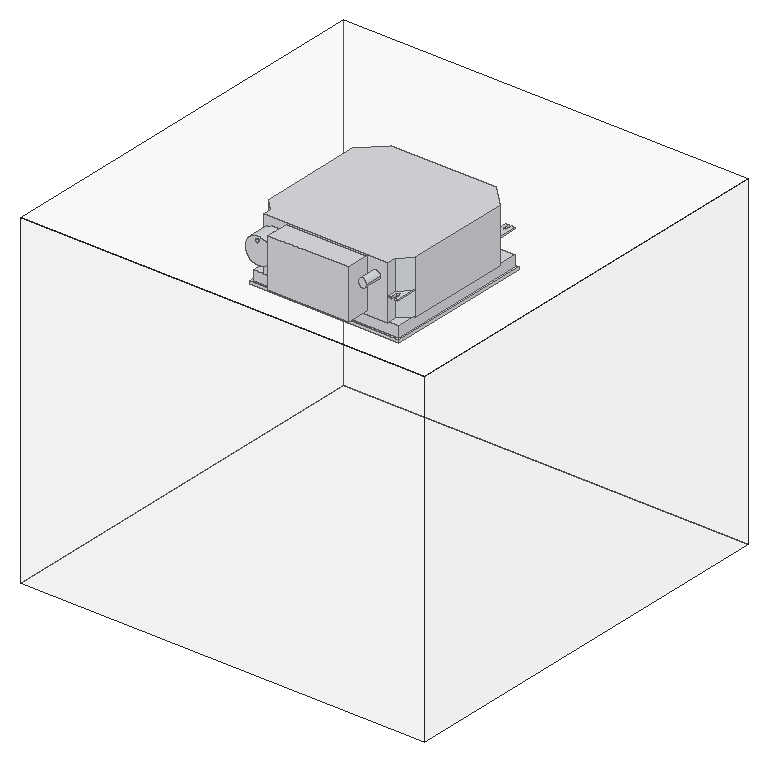
Revit family "plfy-mp22_56pm_50Hz", category 機械設備, Revit 2019
Family settings
  丸型コネクタ寸法 = 直径を使用
  パーツ タイプ = 標準
  OmniClass 番号 = 23.75.10.24.21.27.27
  OmniClass タイトル = Split System Air Conditioning Units
  作業面ベース = いいえ
  常に垂直 = はい
  ロード時にボイドで切り取り = いいえ
  共有 = いいえ
  部屋計算ポイント = はい
Parameters (values of type "システム天井4方向_PLFY-MP22PM")
  風量_強 (㎥/min) = 8.5
  風量_弱 (㎥/min) = 7
  風量_中 (㎥/min) = 7.5
  風量 = MAX風量  # 510.0 m³/h
  音響パワーレベル_強 (dB) = 47
  音響パワーレベル_弱 (dB) = 42
  音響パワーレベル_中 (dB) = 44
  音響パワーレベル(dB) = [音響パワーレベル_強 (dB)]  # 47
  電源種別 = ""
  電圧 = 200 V
  電動機出力_送風機 = 0.05 kW
  運転質量 = 0.00 kg
  連動 = ""
  質量 = if(製品質量 > 運転質量, 製品質量, 運転質量) * 1.2  # 19.08 kg
  負荷分類 = 3_ファン類
  製品質量_本体 = 13.50 kg
  製品質量_パネル = 2.40 kg
  構成品番 = "PLFY-MP22PM"
  ドレン管径 (外径) = 32.00 mm
  ドレン管径 = 25.00 mm
  サービススペース = yes
  【値が 0 の項目は組合せ形名にてご確認ください】 = ""
  URL = "https://www.mitsubishielectric.co.jp/ldg/wink/ssl/top.do"
  説明 = "ビル用マルチ　天井カセット形(４方向吹出し)<システム天井タイプ>"
  設計暖房能力 = 0.00 kW
  設計冷房能力_顕熱 = 0 kW
  設計冷房能力 = 0 kW
  設置方法 = "カセット形"
  記号 [instance] = ""
  製造元 = "三菱電機株式会社"
  製品質量 = 製品質量_本体 + 製品質量_パネル  # 15.90 kg
  製品出荷対象 = "国内"
  製品リリース年月 = ""
  製品グループ = ""
  系統 [instance] = ""
  符号 = "ACP-CK4"
  積算_科目 = "1 空気調和設備"
  積算_拾い区分 = ""
  相 = 1
  盤記号 [instance] = ""
  発停方法 = "付属スイッチ"
  特殊仕様 [instance] = ""
  火災停止 = ""
  消費電力_暖房 = 0.02 kW
  消費電力_冷房 = 0.02 kW
  消費電力 = if(消費電力_冷房 > 消費電力_暖房, 消費電力_冷房, 消費電力_暖房)  # 0.02 kW
  法定耐用年数 = "6"
  極数 = 1
  材質 = ""
  本体マテリアル = none
  有効加湿量 = 0
  暖房能力 = 2.50 kW
  推奨ブレーカー容量 = 0 A
  形式_加湿器 = ""
  形式 = "カセット形（4方向吹出形）"
  幹線記号 = ""
  始動方式 = "直入"
  呼称 = "マルチパッケージ形空気調和機_室内機"
  周波数 = 50 Hz
  台数_手元リモコン [instance] = ""
  台数_冷媒分岐ユニット = ""
  参照している仕様書等のバージョン = "公共建築工事標準仕様書（機械設備工事編）平成31年度版"
  分類コード = "50053003221030"
  分類グループ = ""
  冷房能力 = 2.2 kW
  冷媒管径符号 = "Ac"
  冷媒管径 = 100.00 mm
  冷媒液管径 = 6.35 mm
  冷媒ガス管径 = 12.70 mm
  企業コード = "108420"
  付属品_フィルター = ""
  付属品 = ""
  仕様書バージョン = "Version1.0"
  Model = ""
  パネルマテリアル = none
  コメント = ""
  ケーブル種類 = ""
  ケーブルサイズ = 0 mm
  Width = 570 mm
  Version = ""
  Uniclass2015Version = "Systems v1.9"
  Uniclass2015Title = "Split coil remote air cooled condensing units"
  Uniclass2015Code = "Pr_70_65_03_84"
  SpecificationReference = ""
  SpecificationDescription = ""
  Revision = ""
  ProductInformation = ""
  Panel Width = 580 mm
  Panel Height = 51 mm
  Panel Depth = 580 mm
  OmniClassCode = "23-33 17 13 11"
  MIN風量 = [風量_弱 (㎥/min)] * 60.0 m³/h  # 420.0 m³/h
  MID風量 = [風量_中 (㎥/min)] * 60.0 m³/h  # 450.0 m³/h
  MAX風量 = [風量_強 (㎥/min)] * 60.0 m³/h  # 510.0 m³/h
  IfcTypeProduct = ""
  IfcProduct = ""
  IfcExportType = "AIRCONDITIONINGUNIT"
  IfcExportAs = "IfcUnitaryEquipmentType"
  Height = 258 mm
  FamilyVersion = ""
  Depth = 570 mm
  価格 = 0
  Clearance Top = 273 mm
  Clearance Right = 500 mm
  Clearance Left = 500 mm
  Clearance Front = 500 mm
  Clearance Bottom = 1000 mm
  Clearance Back = 500 mm
  Author = "三菱電機株式会社"
Types (5, lengths in mm): name | 風量_強 (㎥/min) | 風量_弱 (㎥/min) | 風量_中 (㎥/min) | 風量 | 音響パワーレベル_強 (dB) | 音響パワーレベル_弱 (dB) | 音響パワーレベル_中 (dB) | 音響パワーレベル(dB) | 質量 | 製品質量_本体 | 構成品番 | 製品質量 | 消費電力_暖房 | 消費電力_冷房 | 消費電力 | 暖房能力 | 冷房能力 | MIN風量 | MID風量 | MAX風量
  システム天井4方向_PLFY-MP22PM | 8.5 | 7 | 7.5 | 510.0 m³/h | 47 | 42 | 44 | 47 | 19.08 kg | 13.50 kg | "PLFY-MP22PM" | 15.90 kg | 0.02 kW | 0.02 kW | 0.02 kW | 2.50 kW | 2.2 kW | 420.0 m³/h | 450.0 m³/h | 510.0 m³/h
  システム天井4方向_PLFY-MP28PM | 9 | 7 | 8 | 540.0 m³/h | 50 | 43 | 46 | 50 | 19.08 kg | 13.50 kg | "PLFY-MP28PM" | 15.90 kg | 0.02 kW | 0.02 kW | 0.02 kW | 3.20 kW | 2.8 kW | 420.0 m³/h | 480.0 m³/h | 540.0 m³/h
  システム天井4方向_PLFY-MP36PM | 9.5 | 7 | 8 | 570.0 m³/h | 51 | 44 | 47 | 51 | 20.28 kg | 14.50 kg | "PLFY-MP36PM" | 16.90 kg | 0.02 kW | 0.02 kW | 0.02 kW | 4.00 kW | 3.6 kW | 420.0 m³/h | 480.0 m³/h | 570.0 m³/h
  システム天井4方向_PLFY-MP45PM | 11 | 7.5 | 9 | 660.0 m³/h | 55 | 46 | 50 | 55 | 20.28 kg | 14.50 kg | "PLFY-MP45PM" | 16.90 kg | 0.03 kW | 0.03 kW | 0.03 kW | 5.00 kW | 4.5 kW | 450.0 m³/h | 540.0 m³/h | 660.0 m³/h
  システム天井4方向_PLFY-MP56PM | 13 | 9 | 11 | 780.0 m³/h | 60 | 51 | 55 | 60 | 20.28 kg | 14.50 kg | "PLFY-MP56PM" | 16.90 kg | 0.04 kW | 0.04 kW | 0.04 kW | 6.30 kW | 5.6 kW | 540.0 m³/h | 660.0 m³/h | 780.0 m³/h
Reference planes
  plane 1 "中心(正面/背面)": y = 0
  plane 2: z = 0
  plane 3 "中心(左/右)": x = 0
  plane 4: x = -262.5
  plane 5: x = 262.5
  plane 6: y = 262.5
  plane 7: y = -262.5
  plane 8: x = -785
  plane 9: x = 785
  plane 10: y = 785
  plane 11: y = -785
  plane 12: z = -1000
  plane 13: z = 273
  plane 14: x = -186
  plane 15: y = 285
  plane 16: y = -285
  plane 17: x = -285
  plane 18: x = 285
  plane 19: z = 258
Dimensions and locks
  plane 4 to plane 5 = 525 mm
  equal spacing: plane 4, plane 3 "中心(左/右)", plane 5
  equal spacing: plane 7, plane 1 "中心(正面/背面)", plane 6
  plane 7 to plane 6 = 525 mm
  "Clearance Top": plane 13 to plane 2
  equal spacing: plane 17, plane 3 "中心(左/右)", plane 18
  "Width": plane 17 to plane 18
  equal spacing: plane 16, plane 1 "中心(正面/背面)", plane 15
  "Depth": plane 16 to plane 15
  "Clearance Bottom": level to plane 12
  "Clearance Right": plane 18 to plane 9
  "Clearance Left": plane 8 to plane 17
  "Clearance Back": plane 15 to plane 10
  "Clearance Front": plane 11 to plane 16
  "Height": plane 19 to level
  aligned and locked: level to plane 2
  aligned and locked: plane 4 to nested 2
  aligned and locked: plane 5 to nested 2
  aligned and locked: nested 2 to plane 6
  aligned and locked: plane 7 to nested 2
  aligned and locked: plane 8 to nested 1
  aligned and locked: plane 9 to nested 1
  aligned and locked: plane 12 to nested 1
  aligned and locked: plane 13 to nested 1
  aligned and locked: plane 3 "中心(左/右)" to nested 3
  aligned and locked: nested 3 to level
  aligned and locked: plane 1 "中心(正面/背面)" to nested 3
  aligned and locked: plane 10 to nested 1
  aligned and locked: plane 11 to nested 1
Nested families
  nested 1: "サービススペース" at (0, 0, -363.5), visible <- "サービススペース", type "サービススペース"
    with Width 1570 mm, Height 1273 mm, Depth 1570 mm
  nested 2: "固定点" at (-262.5, -262.5, 0), type "固定点"
    with W 525 mm, D 525 mm
  nested 3: "PLFY-P○○PMG9_1_SN" at (0, 0, 0), パネルマテリアル <- "パネルマテリアル", 本体マテリアル <- "本体マテリアル", type "PLFY-P○○PMG9_1_SN"
    with ユニット表示 yes, 液配管サイズ 6.35 mm
Connectors
  piping at (196, -349, 201), diameter 25, driven by "ドレン管径"
    settings: on nested 3, index 1, connector inside diameter 609.60 mm, connector length 0 mm, flow factor 0, pipe flow 0.0 L/s, pressure drop 0.0 Pa, fitting loss kfactor 0, connector angle 0.00°, fixture units 0, engagement length 0 mm, angle of deflection 0.00°, flow configuration 1, flow direction 2, fitting loss method 4, system type 16, joint type 0, gender type 0, connector reference index -1, connector utility 0, adjustable connector no, is connector primary yes, connector description ""
  piping at (-199, -363, 180.5), diameter 100, driven by "冷媒管径", driven by "冷媒管径符号"
    settings: on nested 3, index 2, connector inside diameter 609.60 mm, connector length 0 mm, flow factor 0, pipe flow 0.0 L/s, pressure drop 0.0 Pa, fitting loss kfactor 0, connector angle 0.00°, fixture units 0, engagement length 0 mm, angle of deflection 0.00°, flow configuration 1, flow direction 1, fitting loss method 4, system type 7, joint type 0, gender type 0, connector reference index -1, connector utility 0, adjustable connector no, is connector primary no, connector description "Ac"
  electrical at (4.5, -373, 159.5), driven by "極数", driven by "負荷分類", driven by "電圧", driven by "消費電力"
    settings: on nested 3, index 3, voltage 200 V, apparent load 20 VA, apparent load phase1 0 VA, apparent load phase2 0 VA, apparent load phase3 0 VA, power factor 1, load classification "3_ファン類", number of poles 1, system type 30, power factor state 1, is connector primary yes, connector utility no, sub classification motor no, connector description ""
Definition of nested family "サービススペース"
  Parameters (values of type "サービススペース")
    Width [instance] = 500 mm
    Height [instance] = 500 mm
    Depth [instance] = 500 mm
  Reference planes
    plane 1 "中心(正面/背面)": y = 0
    plane 2: z = 0
    plane 3 "中心(左/右)": x = 0
    plane 4: y = -250
    plane 5: x = 250
    plane 6: y = 250
    plane 7: x = -250
    plane 8: z = 250
    plane 9: z = -250
  Forms (mm)
    Extrusion 1, solid
      sketch origin (-638.939, 0, 72.39) x (1, 0, 0) y (0, 1, 0)
        loop
          line (388.939, 250) -> (388.939, -250) -> (888.939, -250) -> (888.939, 250) -> (388.939, 250)
      from -322.39 to 177.61
  Lines and regions (mm)
    symbolic lines
      curve 1: line (-250, 0, 250) -> (250, 0, 250)
      curve 2: line (-250, 0, -250) -> (-250, 0, 250)
      curve 3: line (250, 0, -250) -> (-250, 0, -250)
      curve 4: line (250, 0, 250) -> (250, 0, -250)
      curve 5: line (0, -250, 250) -> (0, 250, 250)
      curve 6: line (0, -250, -250) -> (0, -250, 250)
      curve 7: line (0, 250, -250) -> (0, -250, -250)
      curve 8: line (0, 250, 250) -> (0, 250, -250)
      curve 9: line (-250, 250, 0) -> (250, 250, 0)
      curve 10: line (-250, -250, 0) -> (-250, 250, 0)
      curve 11: line (250, -250, 0) -> (-250, -250, 0)
      curve 12: line (250, 250, 0) -> (250, -250, 0)
  Dimensions and locks
    equal spacing: plane 7, plane 3 "中心(左/右)", plane 5
    equal spacing: plane 4, plane 1 "中心(正面/背面)", plane 6
    "Depth": plane 4 to plane 6
    "Width": plane 7 to plane 5
    equal spacing: plane 8, plane 2, plane 9
    "Height": plane 8 to plane 9
    aligned and locked: plane 9 to curve 3
    aligned and locked: plane 7 to curve 2
    aligned and locked: curve 4 to plane 5
    aligned and locked: plane 5 to Extrusion 1
    aligned and locked: Extrusion 1 to plane 7
    aligned and locked: Extrusion 1 to plane 9
    aligned and locked: plane 8 to Extrusion 1
    aligned and locked: plane 9 to curve 7
  Automatic sketch dimensions
    plane 4 to Extrusion 1 sketch curve = 0 mm
    Extrusion 1 sketch curve to plane 7 = 0 mm
    Extrusion 1 sketch curve to plane 5 = 0 mm
    plane 6 to Extrusion 1 sketch curve = 0 mm
    curve 2 to plane 8 = 0 mm
    plane 4 to curve 11 = 0 mm
    curve 11 to plane 7 = 0 mm
    curve 11 to plane 5 = 0 mm
    plane 6 to curve 10 = 0 mm
    curve 7 to plane 4 = 0 mm
    curve 7 to plane 6 = 0 mm
    curve 6 to plane 8 = 0 mm
Definition of nested family "PLFY-P○○PMG9_1_SN"
  Parameters (values of type "PLFY-P○○PMG9_1_SN")
    液配管サイズ = 6.4 mm
    高さ = 258 mm
    本体マテリアル [instance] = none
    奥行き = 570 mm
    吊りボルトピッチ_Y = 525 mm
    吊りボルト_H = 140 mm
    冷媒配管 = 100 mm
    冷媒液管径-Z = 146 mm
    冷媒液管径-Y = 63 mm
    冷媒液管径-X = 196 mm
    冷媒ガス管径-Z = 215 mm
    冷媒ガス管径-Y = 78 mm
    冷媒ガス管径-X = 202 mm
    ユニット表示 [instance] = yes
    吊りボルトピッチ_X = 525 mm
    パネルマテリアル [instance] = none
    ドレン配管サイズ = 32 mm
    ドレン管径-Z = 201 mm
    ドレン管径-Y = 64 mm
    ドレン管径-X = 196 mm
    ガス配管サイズ = 12.7 mm
    幅さ = 570 mm
  Reference planes
    plane 1 "中心(正面/背面)": y = 0
    plane 2: z = 0
    plane 3 "中心(左/右)": x = 0
    plane 4: x = -285
    plane 5: x = 285
    plane 6: y = 285
    plane 7: y = -285
    plane 8: z = 50
    plane 9: z = 258
    plane 10: y = -285
    plane 11: x = -204
    plane 12: x = 204
    plane 13: y = 204
    plane 14: y = -204
    plane 15: y = -249
    plane 16: x = 240.5
    plane 17: x = -240.5
    plane 18: x = -281
    plane 19: y = 281
    plane 20: x = 281
    plane 21: y = -281
    plane 22: y = 290
    plane 23: x = -290
    plane 24: x = 290
    plane 25: y = -290
    plane 26: z = 10
    plane 27: x = -262.5
    plane 28: x = 262.5
    plane 29: y = 262.5
    plane 30: y = -262.5
    plane 31: x = 268.5
    plane 32: x = 256.5
    plane 33: x = -256.5
    plane 34: x = -268.5
    plane 35: x = -280.5
    plane 36: x = -244.5
    plane 37: x = 244.5
    plane 38: x = 280.5
    plane 39: z = 145
    plane 40: z = 140
    plane 41: z = 201
    plane 42: z = 215
    plane 43: z = 146
    plane 44: x = 196
    plane 45: x = -196
    plane 46: x = -202
    plane 47: x = -199
    plane 48: z = 180.5
    plane 49: y = -348
    plane 50: y = -363
    plane 51: y = -349
    plane 52: y = -373
    plane 53: x = 161
    plane 54: x = -152
    plane 55: z = 254
    plane 56: z = 65
  Forms (mm)
    Extrusion 1, solid, material <- "本体マテリアル", visible <- "ユニット表示", detail levels fine
      sketch origin (0, 0, 0) x (1, 0, 0) y (0, 1, 0)
        loop
          line (285, 204) -> (204, 285) -> (-204, 285) -> (-285, 204) -> (-285, -204.5) -> (-240.5, -249) -> (-240.5, -285) -> (240.5, -285) -> (240.5, -249) -> (285, -204.5) -> (285, 204)
      from 50 to 258
    Extrusion 2, solid, material <- "パネルマテリアル", visible <- "ユニット表示", detail levels fine
      sketch origin (0, 0, 0) x (1, 0, 0) y (0, 1, 0)
        loop
          line (-281, 281) -> (-281, -281) -> (281, -281) -> (281, 281) -> (-281, 281)
      from 10 to 50
    Extrusion 3, solid, material <- "パネルマテリアル", visible <- "ユニット表示", detail levels fine
      sketch origin (0, 0, 0) x (1, 0, 0) y (0, 1, 0)
        loop
          line (-290, 290) -> (-290, -290) -> (290, -290) -> (290, 290) -> (-290, 290)
      from 0 to 10
    Extrusion 4, solid, material <- "本体マテリアル", visible <- "ユニット表示", detail levels fine
      sketch origin (0, 0, 0) x (1, 0, 0) y (0, 1, 0)
        loop
          line (-280.5, 285) -> (-280.5, 208.5) -> (-244.5, 244.5) -> (-244.5, 285) -> (-256.5, 285) -> (-256.5, 262.5)
          arc (-256.5, 262.5) -> (-262.5, 256.5) -> (-268.5, 262.5) r 6
          line (-268.5, 262.5) -> (-268.5, 285) -> (-280.5, 285)
        loop
          line (280.5, 285) -> (268.5, 285) -> (268.5, 262.5)
          arc (268.5, 262.5) -> (262.5, 256.5) -> (256.5, 262.5) r 6
          line (256.5, 262.5) -> (256.5, 285) -> (244.5, 285) -> (244.5, 244.5) -> (280.5, 208.5) -> (280.5, 285)
        loop
          line (-280.5, -285) -> (-268.5, -285) -> (-268.5, -262.5)
          arc (-268.5, -262.5) -> (-262.5, -256.5) -> (-256.5, -262.5) r 6
          line (-256.5, -262.5) -> (-256.5, -285) -> (-244.5, -285) -> (-244.5, -245) -> (-280.5, -209) -> (-280.5, -285)
        loop
          line (280.5, -285) -> (280.5, -209) -> (244.5, -245) -> (244.5, -285) -> (256.5, -285) -> (256.5, -262.5)
          arc (256.5, -262.5) -> (262.5, -256.5) -> (268.5, -262.5) r 6
          line (268.5, -262.5) -> (268.5, -285) -> (280.5, -285)
      from 140 to 145
    Extrusion 5, solid, material <- "本体マテリアル", visible <- "ユニット表示", detail levels fine
      sketch origin (0, -282, 0) x (-1, 0, 0) y (0, 0, 1)
        loop
          circle (196, 146) r 3.2
      from -66 to -3
    Extrusion 6, solid, material <- "本体マテリアル", visible <- "ユニット表示", detail levels fine
      sketch origin (0, -282, 0) x (-1, 0, 0) y (0, 0, 1)
        loop
          circle (202, 215) r 6.35
      from -81 to -3
    Extrusion 7, solid, material <- "本体マテリアル", visible <- "ユニット表示", detail levels fine
      sketch origin (0, -282, 0) x (-1, 0, 0) y (0, 0, 1)
        loop
          circle (199, 180.5) r 50
      from -81 to -3
    Extrusion 8, solid, material <- "本体マテリアル", visible <- "ユニット表示", detail levels fine
      sketch origin (0, -282, 0) x (-1, 0, 0) y (0, 0, 1)
        loop
          circle (-196, 201) r 16
      from -67 to -3
    Extrusion 9, solid, material <- "本体マテリアル", visible <- "ユニット表示", detail levels fine
      sketch origin (0, -282, 0) x (-1, 0, 0) y (0, 0, 1)
        loop
          line (152, 254) -> (-161, 254) -> (-161, 65) -> (152, 65) -> (152, 254)
      from -91 to -3
  Lines and regions (mm)
    Masking region 1, visible <- "ユニット表示", detail levels coarse+medium
      outline origin (0, 0, 0) x (1, 0, 0) y (0, 1, 0)
        loop
          line (-285, 285) -> (-285, -285) -> (285, -285) -> (285, 285) -> (-285, 285)
    symbolic lines, visible <- "ユニット表示"
      curve 1: line (-285, 285, 0) -> (285, 285, 0)
      curve 2: line (-285, -285, 0) -> (-285, 285, 0)
      curve 3: line (285, -285, 0) -> (-285, -285, 0)
      curve 4: line (285, 285, 0) -> (285, -285, 0)
    model lines, visible <- "ユニット表示", detail levels fine
      curve 5: line (-180, 180, 0) -> (180, 180, 0)
      curve 6: line (-180, -180, 0) -> (-180, 180, 0)
      curve 7: line (180, -180, 0) -> (-180, -180, 0)
      curve 8: line (180, 180, 0) -> (180, -180, 0)
      curve 9: line (-145, 272, 0) -> (145, 272, 0)
      curve 10: line (-145, 234, 0) -> (-145, 272, 0)
      curve 11: line (145, 234, 0) -> (-145, 234, 0)
      curve 12: line (145, 272, 0) -> (145, 234, 0)
      curve 13: line (234, 145, 0) -> (272, 145, 0)
      curve 14: line (234, -145, 0) -> (234, 145, 0)
      curve 15: line (272, -145, 0) -> (234, -145, 0)
      curve 16: line (272, 145, 0) -> (272, -145, 0)
      curve 17: line (-272, 145, 0) -> (-234, 145, 0)
      curve 18: line (-272, -145, 0) -> (-272, 145, 0)
      curve 19: line (-234, -145, 0) -> (-272, -145, 0)
      curve 20: line (-234, 145, 0) -> (-234, -145, 0)
      curve 21: line (-145, -234, 0) -> (145, -234, 0)
      curve 22: line (-145, -272, 0) -> (-145, -234, 0)
      curve 23: line (145, -272, 0) -> (-145, -272, 0)
      curve 24: line (145, -234, 0) -> (145, -272, 0)
      curve 25: line (162.5, 162.5, 0) -> (-162.5, 162.5, 0)
      curve 26: line (-162.5, 162.5, 0) -> (-162.5, -162.5, 0)
      curve 27: line (162.5, -162.5, 0) -> (162.5, 162.5, 0)
      curve 28: line (-162.5, -162.5, 0) -> (162.5, -162.5, 0)
      curve 29: line (-81.25, 162.5, 0) -> (-81.25, -162.5, 0)
      curve 30: line (0, 162.5, 0) -> (0, -162.5, 0)
      curve 31: line (81.25, 162.5, 0) -> (81.25, -162.5, 0)
      curve 32: line (162.5, 145.395, 0) -> (-162.5, 145.395, 0)
      curve 33: line (162.5, 128.289, 0) -> (-162.5, 128.289, 0)
      curve 34: line (162.5, 111.184, 0) -> (-162.5, 111.184, 0)
      curve 35: line (162.5, 94.079, 0) -> (-162.5, 94.079, 0)
      curve 36: line (162.5, 76.974, 0) -> (-162.5, 76.974, 0)
      curve 37: line (162.5, 59.868, 0) -> (-162.5, 59.868, 0)
      curve 38: line (162.5, 42.763, 0) -> (-162.5, 42.763, 0)
      curve 39: line (162.5, 25.658, 0) -> (-162.5, 25.658, 0)
      curve 40: line (162.5, 8.553, 0) -> (-162.5, 8.553, 0)
      curve 41: line (162.5, -8.553, 0) -> (-162.5, -8.553, 0)
      curve 42: line (162.5, -25.658, 0) -> (-162.5, -25.658, 0)
      curve 43: line (162.5, -42.763, 0) -> (-162.5, -42.763, 0)
      curve 44: line (162.5, -59.868, 0) -> (-162.5, -59.868, 0)
      curve 45: line (162.5, -76.974, 0) -> (-162.5, -76.974, 0)
      curve 46: line (162.5, -94.079, 0) -> (-162.5, -94.079, 0)
      curve 47: line (162.5, -111.184, 0) -> (-162.5, -111.184, 0)
      curve 48: line (162.5, -128.289, 0) -> (-162.5, -128.289, 0)
      curve 49: line (162.5, -145.395, 0) -> (-162.5, -145.395, 0)
  Dimensions and locks
    equal spacing: plane 4, plane 3 "中心(左/右)", plane 5
    "幅さ": plane 4 to plane 5
    equal spacing: plane 6, plane 1 "中心(正面/背面)", plane 7
    "奥行き": plane 6 to plane 7
    "高さ": plane 9 to level
    locked: plane 6 to plane 13 at 81
    locked: plane 12 to plane 5 at 81
    locked: plane 4 to plane 11 at 81
    locked: plane 4 to plane 17 at 44.5
    locked: plane 16 to plane 5 at 44.5
    locked: plane 15 to plane 10 at 36
    locked: plane 14 to plane 15 at 45
    locked: plane 21 to plane 10 at 4
    locked: plane 6 to plane 19 at 4
    locked: plane 20 to plane 5 at 4
    locked: plane 4 to plane 18 at 4
    locked: plane 10 to plane 25 at 5
    locked: plane 22 to plane 6 at 5
    locked: plane 5 to plane 24 at 5
    locked: plane 23 to plane 4 at 5
    locked: plane 26 to level at 10
    locked: plane 8 to plane 26 at 40
    equal spacing: plane 27, plane 3 "中心(左/右)", plane 28
    "吊りボルトピッチ_X": plane 27 to plane 28
    equal spacing: plane 30, plane 1 "中心(正面/背面)", plane 29
    "吊りボルトピッチ_Y": plane 30 to plane 29
    plane 35 to plane 34 to plane 27 to plane 33 to plane 36 = 12 mm locked, 6 mm locked, 6 mm locked, 12 mm locked
    plane 37 to plane 32 to plane 28 to plane 31 to plane 38 = 12 mm locked, 6 mm locked, 6 mm locked, 12 mm locked
    locked: plane 39 to plane 40 at 5
    locked: plane 40 to level at 140
    "ドレン管径-Z": plane 41 to level
    "冷媒液管径-Z": plane 43 to level
    "冷媒液管径-X": plane 45 to plane 3 "中心(左/右)"
    "ドレン管径-X": plane 3 "中心(左/右)" to plane 44
    equal spacing: plane 46, plane 47, plane 45
    equal spacing: plane 42, plane 48, plane 43
    "冷媒液管径-Y": plane 10 to plane 49
    "冷媒ガス管径-Y": plane 10 to plane 50
    "ドレン管径-Y": plane 10 to plane 51
    locked: plane 4 to plane 54 at 133
    locked: plane 53 to plane 5 at 124
    locked: plane 10 to plane 52 at 88
    locked: plane 56 to plane 8 at 15
    locked: plane 9 to plane 55 at 4
    "冷媒ガス管径-X": plane 46 to plane 3 "中心(左/右)"
    "冷媒ガス管径-Z": plane 42 to level
    "液配管サイズ": diameter of Extrusion 5 sketch curve
    "ガス配管サイズ": diameter of Extrusion 6 sketch curve
    "冷媒配管": diameter of Extrusion 7 sketch curve
    "ドレン配管サイズ": diameter of Extrusion 8 sketch curve
    aligned and locked: level to plane 2
    aligned and locked: plane 9 to Extrusion 1
    aligned and locked: Extrusion 1 to plane 8
    aligned and locked: Extrusion 1 sketch curve to plane 5
    aligned and locked: Extrusion 1 sketch curve to plane 6
    aligned and locked: Extrusion 1 sketch curve to plane 4
    aligned and locked: Extrusion 1 sketch curve to plane 10
    aligned and locked: Extrusion 1 sketch curve to plane 16
    aligned and locked: Extrusion 1 sketch curve to plane 17
    aligned and locked: Extrusion 2 sketch curve to plane 18
    aligned and locked: Extrusion 2 sketch curve to plane 19
    aligned and locked: Extrusion 2 sketch curve to plane 20
    aligned and locked: Extrusion 2 sketch curve to plane 21
    aligned and locked: Extrusion 3 sketch curve to plane 22
    aligned and locked: Extrusion 3 sketch curve to plane 23
    aligned and locked: Extrusion 3 sketch curve to plane 24
    aligned and locked: Extrusion 3 sketch curve to plane 25
    aligned and locked: plane 8 to Extrusion 2
    aligned and locked: Extrusion 2 to plane 26
    aligned and locked: Extrusion 3 to level
    aligned and locked: plane 26 to Extrusion 3
    aligned and locked: Extrusion 4 sketch curve to plane 6  (x2)
    aligned and locked: Extrusion 4 sketch curve to plane 33
    aligned and locked: Extrusion 4 sketch curve to plane 36
    aligned and locked: Extrusion 4 sketch curve to plane 34
    aligned and locked: Extrusion 4 sketch curve to plane 35
    aligned and locked: plane 29 to Extrusion 4 sketch curve  (x2)
    aligned and locked: plane 27 to Extrusion 4 sketch curve  (x2)
    aligned and locked: Extrusion 1 to Extrusion 4 sketch curve  (x2)
    aligned and locked: Extrusion 4 sketch curve to Extrusion 1  (x2)
    aligned and locked: Extrusion 4 sketch curve to plane 37
    aligned and locked: plane 6 to Extrusion 4 sketch curve  (x2)
    aligned and locked: Extrusion 4 sketch curve to plane 31
    aligned and locked: Extrusion 4 sketch curve to plane 32
    aligned and locked: Extrusion 4 sketch curve to plane 38
    aligned and locked: plane 28 to Extrusion 4 sketch curve  (x2)
    aligned and locked: plane 10 to Extrusion 4 sketch curve  (x2)
    aligned and locked: plane 31 to Extrusion 4 sketch curve
    aligned and locked: plane 32 to Extrusion 4 sketch curve
    aligned and locked: plane 37 to Extrusion 4 sketch curve
    aligned and locked: plane 38 to Extrusion 4 sketch curve
    aligned and locked: plane 30 to Extrusion 4 sketch curve  (x2)
    aligned and locked: plane 35 to Extrusion 4 sketch curve
    aligned and locked: plane 34 to Extrusion 4 sketch curve
    aligned and locked: plane 33 to Extrusion 4 sketch curve
    aligned and locked: plane 36 to Extrusion 4 sketch curve
    aligned and locked: Extrusion 4 sketch curve to plane 10  (x2)
    aligned and locked: plane 39 to Extrusion 4
    aligned and locked: Extrusion 4 to plane 40
    aligned and locked: plane 43 to Extrusion 5 sketch curve
    aligned and locked: plane 45 to Extrusion 5 sketch curve
    aligned and locked: plane 42 to Extrusion 6 sketch curve
    aligned and locked: plane 46 to Extrusion 6 sketch curve
    aligned and locked: plane 48 to Extrusion 7 sketch curve
    aligned and locked: plane 47 to Extrusion 7 sketch curve
    aligned and locked: Extrusion 5 to plane 49
    aligned and locked: Extrusion 6 to plane 50
    aligned and locked: Extrusion 7 to plane 50
    aligned and locked: plane 10 to Extrusion 7
    aligned and locked: plane 10 to Extrusion 6
    aligned and locked: plane 10 to Extrusion 5
    aligned and locked: plane 41 to Extrusion 8 sketch curve
    aligned and locked: plane 44 to Extrusion 8 sketch curve
    aligned and locked: Extrusion 8 to plane 51
    aligned and locked: plane 10 to Extrusion 8
    aligned and locked: plane 55 to Extrusion 9 sketch curve
    aligned and locked: Extrusion 9 sketch curve to plane 54
    aligned and locked: Extrusion 9 sketch curve to plane 56
    aligned and locked: plane 53 to Extrusion 9 sketch curve
    aligned and locked: Extrusion 9 to plane 52
    aligned and locked: plane 10 to Extrusion 9
    aligned and locked: Masking region 1 sketch curve to plane 6
    aligned and locked: plane 10 to Masking region 1 sketch curve
    aligned and locked: plane 4 to Masking region 1 sketch curve
    aligned and locked: Masking region 1 sketch curve to plane 5
    aligned and locked: curve 1 to plane 6
    aligned and locked: plane 10 to curve 3
    aligned and locked: plane 4 to curve 2
    aligned and locked: curve 4 to plane 5
  Automatic sketch dimensions
    Extrusion 1 sketch curve to plane 11 = 0 mm
    Extrusion 1 sketch curve to plane 12 = 0 mm
    Extrusion 1 sketch curve to plane 14 = 0.5 mm  (x2)
    Extrusion 1 sketch curve to plane 13 = 0 mm  (x2)
    Extrusion 1 sketch curve to plane 15 = 0 mm  (x2)
    curve 19 to plane 34 = 3.5 mm
    plane 17 to curve 17 = 6.5 mm
    plane 45 to curve 7 = 16 mm
    plane 54 to curve 11 = 7 mm
    plane 54 to curve 21 = 7 mm
    curve 9 to plane 53 = 16 mm
    curve 21 to plane 53 = 16 mm
    curve 8 to plane 44 = 16 mm
    curve 14 to plane 16 = 6.5 mm
    plane 31 to curve 16 = 3.5 mm
    plane 21 to curve 24 = 9 mm
    plane 15 to curve 24 = 15 mm
    plane 14 to curve 7 = 24 mm
    plane 14 to curve 20 = 59 mm
    plane 14 to curve 16 = 59 mm
    curve 14 to plane 13 = 59 mm
    curve 17 to plane 13 = 59 mm
    curve 5 to plane 13 = 24 mm
    plane 29 to curve 11 = 28.5 mm
    curve 12 to plane 19 = 9 mm
    curve 7 to curve 27 = 17.5 mm
    curve 30 to plane 3 "中心(左/右)" = 0 mm
    plane 54 to curve 29 = 70.75 mm
    curve 31 to plane 53 = 79.75 mm
    curve 26 to curve 5 = 17.5 mm
    curve 41 to plane 54 = 10.5 mm
    plane 53 to curve 48 = 1.5 mm
    curve 27 to curve 49 = 17.105 mm
    curve 49 to curve 48 = 17.105 mm
    curve 48 to curve 47 = 17.105 mm
    curve 47 to curve 46 = 17.105 mm
    curve 46 to curve 45 = 17.105 mm
    curve 45 to curve 44 = 17.105 mm
    curve 44 to curve 43 = 17.105 mm
    curve 43 to curve 42 = 17.105 mm
    plane 1 "中心(正面/背面)" to curve 41 = 8.553 mm
    curve 40 to plane 1 "中心(正面/背面)" = 8.553 mm
    curve 40 to curve 39 = 17.105 mm
    curve 39 to curve 38 = 17.105 mm
    curve 38 to curve 37 = 17.105 mm
    curve 37 to curve 36 = 17.105 mm
    curve 36 to curve 35 = 17.105 mm
    curve 35 to curve 34 = 17.105 mm
    curve 34 to curve 33 = 17.105 mm
    curve 33 to curve 32 = 17.105 mm
Definition of nested family "固定点"
  Parameters (values of type "固定点")
    中心円 = 20 mm
    W [instance] = 1000 mm
    D [instance] = 1000 mm
  Reference planes
    plane 1 "中心(正面/背面)": y = 0
    plane 2: z = 0
    plane 3 "中心(左/右)": x = 0
    plane 4: x = 1000
    plane 5: y = 1000
  Lines and regions (mm)
    symbolic lines, detail levels fine
      curve 1: circle (0, 1000, 0) r 10 normal (0, 0, 1)
      curve 2: circle (0, 0, 0) r 10 normal (0, 0, 1)
      curve 3: circle (1000, 1000, 0) r 10 normal (0, 0, 1)
      curve 4: circle (1000, 0, 0) r 10 normal (0, 0, 1)
      curve 5: line (-200, 1000, 0) -> (1200, 1000, 0)
      curve 6: line (-200, 0, 0) -> (1200, 0, 0)
      curve 7: line (0, 1200, 0) -> (0, -200, 0)
      curve 8: line (1000, 1200, 0) -> (1000, -200, 0)
  Dimensions and locks
    "W": plane 3 "中心(左/右)" to plane 4
    "D": plane 1 "中心(正面/背面)" to plane 5
    "中心円": diameter of curve 1
    "中心円": diameter of curve 2
    "中心円": diameter of curve 3
    "中心円": diameter of curve 4
    aligned and locked: level to plane 2
    aligned and locked: plane 5 to curve 1
    aligned and locked: plane 3 "中心(左/右)" to curve 1
    aligned and locked: plane 3 "中心(左/右)" to curve 2
    aligned and locked: plane 1 "中心(正面/背面)" to curve 2
    aligned and locked: plane 4 to curve 3
    aligned and locked: plane 5 to curve 3
    aligned and locked: plane 1 "中心(正面/背面)" to curve 4
    aligned and locked: plane 4 to curve 4
    aligned and locked: plane 1 "中心(正面/背面)" to curve 6
    aligned and locked: curve 7 to plane 3 "中心(左/右)"
    aligned and locked: curve 8 to plane 4
  Automatic sketch dimensions
    curve 5 to plane 5 = 0 mm
    curve 6 to plane 3 "中心(左/右)" = 200 mm
    curve 5 to plane 3 "中心(左/右)" = 200 mm
    curve 4 to curve 6 = 200 mm
    curve 3 to curve 5 = 200 mm
    plane 1 "中心(正面/背面)" to curve 8 = 200 mm
    plane 1 "中心(正面/背面)" to curve 7 = 200 mm
    curve 3 to curve 8 = 200 mm
    curve 1 to curve 7 = 200 mm
